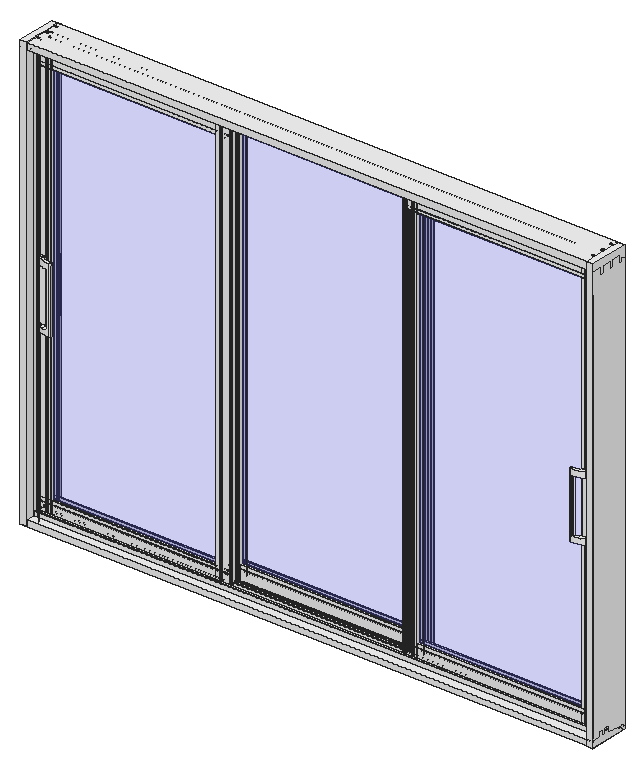
Revit family "Patio-Door_R-550-2-0_3-Light_XOX_7in_Novatech", category Doors, host Wall, Revit 2026 (continued)
Definition of nested family "NOVATECH_R-550 (2.0)_3 LIGHT_XOX_7in_SASH_X"
  Definition of nested family "NOVATECH_650_2 LIGHT_SASH_X_SILL1"
    Automatic sketch dimensions
      Extrusion 1 sketch curve to Extrusion 1 sketch curve = 0.01918"
      Extrusion 1 sketch curve to Extrusion 1 sketch curve = 0.00948"
      Extrusion 1 sketch curve to Extrusion 1 sketch curve = 0.02428"
      Extrusion 1 sketch curve to Extrusion 1 sketch curve = 0.00498"
      Extrusion 1 sketch curve to Extrusion 1 sketch curve = 0.01542"
      Extrusion 1 sketch curve to Extrusion 1 sketch curve = 0.06392"
      Extrusion 1 sketch curve to Extrusion 1 sketch curve = 3/64"
      Extrusion 1 sketch curve to Extrusion 1 sketch curve = 0.03068"
      Extrusion 1 sketch curve to Extrusion 1 sketch curve = 0.06572"
      Extrusion 1 sketch curve to Extrusion 1 sketch curve = 0.01209"
      Extrusion 1 sketch curve to Extrusion 1 sketch curve = 0.01283"
      Extrusion 1 sketch curve to Extrusion 1 sketch curve = 0.01306"
      Extrusion 1 sketch curve to Extrusion 1 sketch curve = 0.33858"
      Extrusion 1 sketch curve to Extrusion 1 sketch curve = 0.02923"
      Extrusion 1 sketch curve to Extrusion 1 sketch curve = 0.02953"
      Extrusion 1 sketch curve to Extrusion 1 sketch curve = 0.02362"
      level to Extrusion 1 sketch curve = 0"  (x2)
      Extrusion 1 sketch curve to Extrusion 1 sketch curve = 0.0358"  (x2)
      Extrusion 1 sketch curve to Extrusion 1 sketch curve = 0.00984"  (x3)
      Extrusion 1 sketch curve to Extrusion 1 sketch curve = 0.02354"  (x2)
      Extrusion 1 sketch curve to Extrusion 1 sketch curve = 0.00796"  (x2)
      Extrusion 1 sketch curve to Extrusion 1 sketch curve = 0.2126"  (x2)
      Extrusion 1 sketch curve to Extrusion 1 sketch curve = 0.00909"  (x2)
      Extrusion 1 sketch curve to Extrusion 1 sketch curve = 0.02429"  (x2)
      Extrusion 1 sketch curve to Extrusion 1 sketch curve = 0.00721"  (x2)
      Extrusion 1 sketch curve to Extrusion 1 sketch curve = 0.09705"
      Extrusion 1 sketch curve to Extrusion 1 sketch curve = 0.01152"
      Extrusion 1 sketch curve to Extrusion 1 sketch curve = 0.19864"  (x2)
      Extrusion 1 sketch curve to Extrusion 1 sketch curve = 1/16"  (x2)
      Extrusion 1 sketch curve to Extrusion 1 sketch curve = 0.87008"
      Extrusion 1 sketch curve to Extrusion 1 sketch curve = 0.07552"
      Extrusion 1 sketch curve to Extrusion 1 sketch curve = 0.0007"
      Extrusion 1 sketch curve to Extrusion 1 sketch curve = 0.01855"
      Extrusion 1 sketch curve to Extrusion 1 sketch curve = 0.00151"
      Extrusion 1 sketch curve to Extrusion 1 sketch curve = 0.00214"
      Extrusion 1 sketch curve to Extrusion 1 sketch curve = 0.07526"
      Extrusion 1 sketch curve to Extrusion 1 sketch curve = 0.0561"
      Extrusion 1 sketch curve to Extrusion 1 sketch curve = 0.12761"
      Extrusion 1 sketch curve to Extrusion 1 sketch curve = 0.00014"
      Extrusion 1 sketch curve to Extrusion 1 sketch curve = 0.00619"
      Extrusion 1 sketch curve to Extrusion 1 sketch curve = 0.00724"
      Extrusion 1 sketch curve to Extrusion 1 sketch curve = 0.01383"
      Extrusion 1 sketch curve to Extrusion 1 sketch curve = 0.01537"
      Extrusion 1 sketch curve to Extrusion 1 sketch curve = 0.05162"
      Extrusion 1 sketch curve to Extrusion 1 sketch curve = 0.12473"
      Extrusion 1 sketch curve to Extrusion 1 sketch curve = 0.5234"  (x2)
      Extrusion 1 sketch curve to Extrusion 1 sketch curve = 0.0034"
      Extrusion 1 sketch curve to Extrusion 1 sketch curve = 0.04131"
Definition of nested family "NOVATECH_R-550 (2.0)_3 LIGHT_XOX_7in_SASH_O_MID"
  Parameters (values of type "SASH_O_MID")
    Width = 45 89/128"
    Panel Material = none
    Height = 77 27/64"
    Frame Material = none
    Default Elevation = 0"
  Reference planes (in)
    plane 1 "Center (Front/Back)": y = 0
    plane 2: z = 0
    plane 3 "Center (Left/Right)": x = 0
    plane 4: x = 22.84766
    plane 5: x = -22.84766
    plane 6: z = 77.42188
    plane 7: y = 0.7697
    plane 8: x = -24.10575
  Forms (in)
    Extrusion 1, solid, material <- "Panel Material"
      sketch origin (53.04805, -3.42098, -6.62158) x (1, 0, 0) y (0, 1, 0)
        loop
          line (-75.11522, 4.62769) -> (-75.11522, 3.75367) -> (-30.98378, 3.75367) -> (-30.98378, 4.62769) -> (-75.11522, 4.62769)
      from 8.65968 to 82.00488
  Dimensions and locks (in)
    "Height": plane 6 to level
    "Width": plane 4 to plane 5
    equal spacing: plane 4, plane 3 "Center (Left/Right)", plane 5
    locked: Extrusion 1 sketch curve to Extrusion 1 sketch curve at 0.87402
    locked: plane 5 to Extrusion 1 at 0.78048
    locked: Extrusion 1 to plane 4 at 0.78339
    locked: plane 6 to Extrusion 1 at 2.03858
    locked: Extrusion 1 to level at 2.0381
    locked: plane 1 "Center (Front/Back)" to Extrusion 1 at 0.33269
    locked: plane 8 to plane 5 at 1.2581
    locked: plane 4 to nested 2 at 1.2552
    locked: plane 4 to nested 1 at 1.2552
    aligned and locked: plane 2 to level
    aligned and locked: plane 1 "Center (Front/Back)" to nested 1
    aligned and locked: plane 1 "Center (Front/Back)" to nested 2
    aligned and locked: plane 5 to nested 3
    aligned and locked: plane 1 "Center (Front/Back)" to nested 3  (x2)
    aligned and locked: plane 6 to nested 3
    aligned and locked: nested 2 to plane 8
    aligned and locked: nested 1 to plane 8
    aligned and locked: nested 4 to plane 1 "Center (Front/Back)"
    aligned and locked: plane 6 to nested 2
    aligned and locked: plane 6 to nested 4
    aligned and locked: plane 4 to nested 4
    aligned and locked: nested 1 to level
  Automatic sketch dimensions
    Extrusion 1 sketch curve to plane 1 "Center (Front/Back)" = 0.33269"
    plane 5 to Extrusion 1 sketch curve = 0.78048"
    Extrusion 1 sketch curve to plane 4 = 0.78339"
  Nested families (in)
    nested 1: "NOVATECH_650_2 LIGHT_SASH_O_SILL1" at (-24.10575, 0, -0.93499), type "O PANEL SILL 2"
      with built-in parameter 1001306 4.0174 (stored number, unit not read)
    nested 2: "NOVATECH_650_3 LIGHT_OXO_SASH_O_HEADER" at (-24.10575, 0, 74.81906), type "O HEADER"
      with Length 48.20861"
    nested 3: "NOVATECH_650_2 LIGHT_SASH_O_LEFT" at (-24.19624, 0, 0) x (0, -1, 0) z (0, 0, 1), type "NOVATECH_650_2 LIGHT_SASH_X_RIGHT"
    nested 4: "NOVATECH_650_2 LIGHT_SASH_O_RIGHT" at (24.19334, 0, 0) x (0, 1, 0) z (0, 0, 1), type "NOVATECH_650_2 LIGHT_SASH_O_LEFT"
  Definition of nested family "NOVATECH_650_2 LIGHT_SASH_O_SILL1"
    Parameters (values of type "O PANEL SILL")
      built-in parameter 1001306 [instance] = 48"
      Frame Material = none
      Default Elevation = 0"
    Reference planes (in)
      plane 1 "Center (Front/Back)": y = 0
      plane 2: z = 0
      plane 3 "Left": x = 0
      plane 4 "Right": x = 48
    Forms (in)
      Extrusion 1, solid, material <- "Frame Material"
        sketch origin (0, -0.42731, -0.7993) x (0, 1, 0) y (0, 0, 1)
          loop
            line (1.50935, 2.22768) -> (1.00276, 2.22768)
            arc (1.00276, 2.22768) -> (0.94708, 2.20462) -> (0.92402, 2.14894) r 0.07874
            line (0.92402, 2.14894) -> (0.92402, 1.86784)
            arc (0.92402, 1.86784) -> (0.91825, 1.85393) -> (0.90433, 1.84816) r 0.01969
            line (0.90433, 1.84816) -> (0.87358, 1.84816) -> (0.85389, 1.72715) -> (0.644, 1.72715)
            arc (0.644, 1.72715) -> (0.63008, 1.72138) -> (0.62431, 1.70746) r 0.01969
            line (0.62431, 1.70746) -> (0.62431, 1.54017) -> (0.52604, 1.54017) -> (0.52615, 1.70715) -> (0.45135, 1.70715) -> (0.45074, 0.7993) -> (0.52556, 0.81205) -> (0.52575, 1.10443) -> (0.93819, 1.1584) -> (0.93819, 0.93129) -> (1.01299, 0.94253) -> (1.01299, 1.35309) -> (1.5156, 1.41571) -> (1.5156, 0.88509)
            arc (1.5156, 0.88509) -> (1.52141, 0.87106) -> (1.53544, 0.86524) r 0.01985
            arc (1.53544, 0.86524) -> (1.55245, 0.86422) -> (1.56901, 0.86822) r 0.05745
            line (1.56901, 0.86822) -> (1.63183, 0.90885)
            arc (1.63183, 0.90885) -> (1.63055, 0.92963) -> (1.60977, 0.93091) r 0.01572
            arc (1.60977, 0.93091) -> (1.59585, 0.93668) -> (1.59009, 0.9506) r 0.01969
            line (1.59009, 0.9506) -> (1.59009, 1.65234) -> (2.03511, 1.65234) -> (2.03517, 1.09522) -> (2.10997, 1.10708) -> (2.10991, 1.637)
            arc (2.10991, 1.637) -> (2.0835, 1.70074) -> (2.01976, 1.72715) r 0.09016
            line (2.01976, 1.72715) -> (1.65169, 1.72715) -> (1.63466, 1.83182)
            arc (1.63466, 1.83182) -> (1.625, 1.84624) -> (1.60777, 1.84835) r 0.02085
            arc (1.60777, 1.84835) -> (1.59385, 1.85411) -> (1.58809, 1.86803) r 0.01969
            line (1.58809, 1.86803) -> (1.58809, 2.14894)
            arc (1.58809, 2.14894) -> (1.56503, 2.20462) -> (1.50935, 2.22768) r 0.07874
          loop
            line (0.42731, 4.26963) -> (0.42731, 1.79335)
            arc (0.42731, 1.79335) -> (0.44461, 1.75159) -> (0.48637, 1.73429) r 0.05906
            line (0.48637, 1.73429) -> (0.79548, 1.73429)
            arc (0.79548, 1.73429) -> (0.83724, 1.75159) -> (0.85454, 1.79335) r 0.05906
            line (0.85454, 1.79335) -> (0.85454, 1.87249) -> (0.81117, 1.87249) -> (0.81117, 1.8095) -> (0.75999, 1.8095) -> (0.75999, 2.11658) -> (0.81117, 2.11658) -> (0.81117, 2.05359) -> (0.86235, 2.05359) -> (0.86235, 2.43905) -> (1.64975, 2.43905) -> (1.64975, 2.05359) -> (1.70093, 2.05359) -> (1.70093, 2.11658) -> (1.75211, 2.11658) -> (1.75211, 1.8095) -> (1.70093, 1.8095) -> (1.70093, 1.87249) -> (1.65756, 1.87249) -> (1.65756, 1.79335)
            arc (1.65756, 1.79335) -> (1.67486, 1.75159) -> (1.71662, 1.73429) r 0.05906
            line (1.71662, 1.73429) -> (2.02574, 1.73429)
            arc (2.02574, 1.73429) -> (2.06749, 1.75159) -> (2.08479, 1.79335) r 0.05906
            line (2.08479, 1.79335) -> (2.08479, 3.64377) -> (2.00605, 3.64377) -> (2.00605, 3.30913) -> (1.81314, 3.30913) -> (1.81314, 3.40755) -> (1.86432, 3.40755) -> (1.86432, 3.64377) -> (1.56849, 3.64377) -> (1.56849, 3.76848) -> (0.66353, 3.76848) -> (0.66353, 4.2919) -> (0.697, 4.2919) -> (0.697, 4.3332) -> (0.45273, 4.29887)
            arc (0.45273, 4.29887) -> (0.43455, 4.289) -> (0.42731, 4.26963) r 0.02953
          loop
            line (1.697, 4.33127) -> (1.71668, 4.29189) -> (1.71669, 3.67374)
            arc (1.71669, 3.67374) -> (1.72363, 3.66069) -> (1.73834, 3.65914) r 0.01575
            line (1.73834, 3.65914) -> (1.84513, 3.69539) -> (1.92824, 3.64363) -> (1.9154, 3.47576) -> (1.8935, 3.41617)
            arc (1.8935, 3.41617) -> (1.86859, 3.38726) -> (1.88982, 3.35556) r 0.0315
            arc (1.88982, 3.35556) -> (1.92534, 3.35888) -> (1.94977, 3.38487) r 0.05041
            line (1.94977, 3.38487) -> (1.98385, 3.46761) -> (1.99786, 3.65101)
            arc (1.99786, 3.65101) -> (2.00813, 3.67068) -> (2.03025, 3.67232) r 0.02281
            line (2.03025, 3.67232) -> (2.06117, 3.6537)
            arc (2.06117, 3.6537) -> (2.07692, 3.6537) -> (2.08479, 3.66733) r 0.01575
            line (2.08479, 3.66733) -> (2.08479, 4.30174)
            arc (2.08479, 4.30174) -> (2.07614, 4.32262) -> (2.05526, 4.33127) r 0.02953
            line (2.05526, 4.33127) -> (1.697, 4.33127)
        from 0 to 48
    Lines and regions (in)
      reference lines
        curve 1: line (0, 0.91091, 0) -> (48, 0.91091, 0)
    Dimensions and locks (in)
      "built-in parameter 1001306": plane 3 "Left" to plane 4 "Right"
      aligned and locked: plane 4 "Right" to curve 1
      aligned and locked: plane 3 "Left" to curve 1
      aligned and locked: level to plane 2
      aligned and locked: Extrusion 1 to plane 3 "Left"
      aligned and locked: plane 4 "Right" to Extrusion 1
    Automatic sketch dimensions
      curve 1 to plane 1 "Center (Front/Back)" = 0.91091"
      level to Extrusion 1 sketch curve = 0"
      level to Extrusion 1 sketch curve = 0.30778"
      Extrusion 1 sketch curve to plane 1 "Center (Front/Back)" = 1.68266"
      level to Extrusion 1 sketch curve = 0.8377"
      Extrusion 1 sketch curve to Extrusion 1 sketch curve = 0.00005"
      Extrusion 1 sketch curve to Extrusion 1 sketch curve = 0.02512"
      Extrusion 1 sketch curve to Extrusion 1 sketch curve = 0"  (x3)
      Extrusion 1 sketch curve to Extrusion 1 sketch curve = 0.01575"  (x2)
      Extrusion 1 sketch curve to Extrusion 1 sketch curve = 0.00787"
      Extrusion 1 sketch curve to Extrusion 1 sketch curve = 0.02953"  (x2)
      level to Extrusion 1 sketch curve = 0.29592"
      Extrusion 1 sketch curve to Extrusion 1 sketch curve = 0.0748"  (x4)
      Extrusion 1 sketch curve to Extrusion 1 sketch curve = 0.03092"
      Extrusion 1 sketch curve to Extrusion 1 sketch curve = 0.00937"
      Extrusion 1 sketch curve to Extrusion 1 sketch curve = 0.00959"
      Extrusion 1 sketch curve to Extrusion 1 sketch curve = 0.00598"
      Extrusion 1 sketch curve to Extrusion 1 sketch curve = 0.01461"
      Extrusion 1 sketch curve to Extrusion 1 sketch curve = 0.00819"
      Extrusion 1 sketch curve to Extrusion 1 sketch curve = 0.0222"
      Extrusion 1 sketch curve to Extrusion 1 sketch curve = 0.03408"
      Extrusion 1 sketch curve to Extrusion 1 sketch curve = 0.06962"
      Extrusion 1 sketch curve to Extrusion 1 sketch curve = 0.06844"
      Extrusion 1 sketch curve to Extrusion 1 sketch curve = 0.04657"
      Extrusion 1 sketch curve to Extrusion 1 sketch curve = 0.00316"
      Extrusion 1 sketch curve to Extrusion 1 sketch curve = 0.00969"
      Extrusion 1 sketch curve to Extrusion 1 sketch curve = 0.06392"
      Extrusion 1 sketch curve to Extrusion 1 sketch curve = 0.01918"
      Extrusion 1 sketch curve to Extrusion 1 sketch curve = 0.05118"  (x4)
      Extrusion 1 sketch curve to Extrusion 1 sketch curve = 0.27362"
      Extrusion 1 sketch curve to Extrusion 1 sketch curve = 0.1068"
      Extrusion 1 sketch curve to Extrusion 1 sketch curve = 0.0059"
      Extrusion 1 sketch curve to Extrusion 1 sketch curve = 0.33858"
      Extrusion 1 sketch curve to Extrusion 1 sketch curve = 0.03549"  (x2)
      Extrusion 1 sketch curve to Extrusion 1 sketch curve = 0.01569"  (x2)
      Extrusion 1 sketch curve to Extrusion 1 sketch curve = 0.01969"  (x4)
      Extrusion 1 sketch curve to Extrusion 1 sketch curve = 0.04337"  (x2)
      Extrusion 1 sketch curve to Extrusion 1 sketch curve = 0.06493"
      level to Extrusion 1 sketch curve = 1.03252"
      Extrusion 1 sketch curve to Extrusion 1 sketch curve = 0.0229"
      level to Extrusion 1 sketch curve = 0.10955"
      Extrusion 1 sketch curve to Extrusion 1 sketch curve = 0.40333"
      Extrusion 1 sketch curve to Extrusion 1 sketch curve = 0.01239"
      Extrusion 1 sketch curve to Extrusion 1 sketch curve = 0.02058"
      Extrusion 1 sketch curve to Extrusion 1 sketch curve = 0.00967"  (x2)
      Extrusion 1 sketch curve to Extrusion 1 sketch curve = 0.00631"
      Extrusion 1 sketch curve to Extrusion 1 sketch curve = 0.0616"
      level to Extrusion 1 sketch curve = 0.06892"
      Extrusion 1 sketch curve to Extrusion 1 sketch curve = 0.05043"
      Extrusion 1 sketch curve to Extrusion 1 sketch curve = 0.1482"
      Extrusion 1 sketch curve to Extrusion 1 sketch curve = 0.04272"
      Extrusion 1 sketch curve to Extrusion 1 sketch curve = 0.03356"
      Extrusion 1 sketch curve to Extrusion 1 sketch curve = 0.07449"
      Extrusion 1 sketch curve to Extrusion 1 sketch curve = 0.07874"  (x2)
      level to Extrusion 1 sketch curve = 0.14323"
      Extrusion 1 sketch curve to Extrusion 1 sketch curve = 0.5026"
      Extrusion 1 sketch curve to Extrusion 1 sketch curve = 0.50659"
      Extrusion 1 sketch curve to Extrusion 1 sketch curve = 0.03075"
      Extrusion 1 sketch curve to Extrusion 1 sketch curve = 0.1404"
      Extrusion 1 sketch curve to Extrusion 1 sketch curve = 0.01904"
      Extrusion 1 sketch curve to Extrusion 1 sketch curve = 0.00065"
      Extrusion 1 sketch curve to Extrusion 1 sketch curve = 1"
      Extrusion 1 sketch curve to Extrusion 1 sketch curve = 0.03346"
      Extrusion 1 sketch curve to Extrusion 1 sketch curve = 0.11599"
      level to Extrusion 1 sketch curve = 0.90785"
      Extrusion 1 sketch curve to Extrusion 1 sketch curve = 0.09816"
      level to Extrusion 1 sketch curve = 0.74086"
      Extrusion 1 sketch curve to Extrusion 1 sketch curve = 0.09827"
      level to Extrusion 1 sketch curve = 0.30513"
      Extrusion 1 sketch curve to Extrusion 1 sketch curve = 0.41244"
      level to Extrusion 1 sketch curve = 0.01275"
      Extrusion 1 sketch curve to Extrusion 1 sketch curve = 0.00019"
      Extrusion 1 sketch curve to Extrusion 1 sketch curve = 0.03978"
      Extrusion 1 sketch curve to Extrusion 1 sketch curve = 0.20669"
      Extrusion 1 sketch curve to Extrusion 1 sketch curve = 0.00411"
      Extrusion 1 sketch curve to Extrusion 1 sketch curve = 0.03502"
      Extrusion 1 sketch curve to Extrusion 1 sketch curve = 0.07481"
      Extrusion 1 sketch curve to Extrusion 1 sketch curve = 0.01687"
      Extrusion 1 sketch curve to Extrusion 1 sketch curve = 0.01124"
      Extrusion 1 sketch curve to Extrusion 1 sketch curve = 0.22711"
      Extrusion 1 sketch curve to Extrusion 1 sketch curve = 0.1947"
      Extrusion 1 sketch curve to Extrusion 1 sketch curve = 0.41612"
      Extrusion 1 sketch curve to Extrusion 1 sketch curve = 0.00031"
      Extrusion 1 sketch curve to Extrusion 1 sketch curve = 0.00715"  (x2)
      Extrusion 1 sketch curve to Extrusion 1 sketch curve = 0.01615"  (x2)
      Extrusion 1 sketch curve to Extrusion 1 sketch curve = 0.00335"
      Extrusion 1 sketch curve to Extrusion 1 sketch curve = 0.05481"
      Extrusion 1 sketch curve to Extrusion 1 sketch curve = 0.03956"
      Extrusion 1 sketch curve to Extrusion 1 sketch curve = 0.06299"  (x4)
      Extrusion 1 sketch curve to Extrusion 1 sketch curve = 0.1811"  (x2)
      Extrusion 1 sketch curve to Extrusion 1 sketch curve = 0.09535"
      Extrusion 1 sketch curve to Extrusion 1 sketch curve = 0.21137"
      Extrusion 1 sketch curve to Extrusion 1 sketch curve = 0.87008"
      Extrusion 1 sketch curve to Extrusion 1 sketch curve = 0.07575"
      Extrusion 1 sketch curve to Extrusion 1 sketch curve = 0.00048"
      Extrusion 1 sketch curve to Extrusion 1 sketch curve = 0.01881"
      Extrusion 1 sketch curve to Extrusion 1 sketch curve = 0.00339"
      Extrusion 1 sketch curve to Extrusion 1 sketch curve = 0.012"
      Extrusion 1 sketch curve to Extrusion 1 sketch curve = 0.08274"
      Extrusion 1 sketch curve to Extrusion 1 sketch curve = 0.05959"
      Extrusion 1 sketch curve to Extrusion 1 sketch curve = 0.16787"
      Extrusion 1 sketch curve to Extrusion 1 sketch curve = 0.00014"  (x2)
      Extrusion 1 sketch curve to Extrusion 1 sketch curve = 0.00724"
      Extrusion 1 sketch curve to Extrusion 1 sketch curve = 0.00785"
      Extrusion 1 sketch curve to Extrusion 1 sketch curve = 0.00992"
      Extrusion 1 sketch curve to Extrusion 1 sketch curve = 0.01537"
      Extrusion 1 sketch curve to Extrusion 1 sketch curve = 0.05162"
      Extrusion 1 sketch curve to Extrusion 1 sketch curve = 0.12471"
      Extrusion 1 sketch curve to Extrusion 1 sketch curve = 0.50115"
      Extrusion 1 sketch curve to Extrusion 1 sketch curve = 0.52341"
      Extrusion 1 sketch curve to Extrusion 1 sketch curve = 0.02226"
      Extrusion 1 sketch curve to Extrusion 1 sketch curve = 0.00984"
      Extrusion 1 sketch curve to Extrusion 1 sketch curve = 0.04131"
  Definition of nested family "NOVATECH_650_3 LIGHT_OXO_SASH_O_HEADER"
    Parameters (values of type "O HEADER")
      Length [instance] = 25.4316"
      Frame Material = none
      Default Elevation = 0"
    Reference planes (in)
      plane 1 "Center (Front/Back)": y = 0
      plane 2: z = 0
      plane 3 "Center (Left/Right)": x = 0
      plane 4: x = 25.4316
    Forms (in)
      Extrusion 1, solid, material <- "Frame Material"
        sketch origin (0, 3.99113, -1.74837) x (0, 1, 0) y (0, 0, 1)
          loop
            line (-2.76869, 4.29213) -> (-2.76869, 4.20908) -> (-2.71751, 4.20908) -> (-2.71751, 4.27208) -> (-2.66633, 4.27208) -> (-2.66633, 3.96499) -> (-2.71751, 3.96499) -> (-2.71751, 4.02798) -> (-2.76869, 4.02798) -> (-2.76869, 3.64252) -> (-3.55609, 3.64252) -> (-3.55609, 4.02798) -> (-3.60728, 4.02798) -> (-3.60728, 3.96499) -> (-3.65846, 3.96499) -> (-3.65846, 4.27208) -> (-3.60728, 4.27208) -> (-3.60728, 4.20908) -> (-3.55609, 4.20908) -> (-3.55609, 4.29213)
            arc (-3.55609, 4.29213) -> (-3.57339, 4.33389) -> (-3.61515, 4.35118) r 0.05906
            line (-3.61515, 4.35118) -> (-3.93208, 4.35118)
            arc (-3.93208, 4.35118) -> (-3.97384, 4.33389) -> (-3.99113, 4.29213) r 0.05906
            line (-3.99113, 4.29213) -> (-3.99113, 1.81194)
            arc (-3.99113, 1.81194) -> (-3.98389, 1.79257) -> (-3.96572, 1.7827) r 0.02953
            line (-3.96572, 1.7827) -> (-3.72145, 1.74837) -> (-3.72145, 1.78968) -> (-3.75491, 1.78968) -> (-3.75491, 2.4378) -> (-3.65663, 2.4378) -> (-3.65663, 2.3126) -> (-2.78262, 2.3126) -> (-2.78262, 2.4378) -> (-2.55413, 2.4378) -> (-2.55413, 2.67402) -> (-2.60531, 2.67402) -> (-2.60531, 2.77244) -> (-2.41239, 2.77244) -> (-2.41239, 2.4378) -> (-2.33365, 2.4378) -> (-2.33365, 4.29213)
            arc (-2.33365, 4.29213) -> (-2.35095, 4.33389) -> (-2.39271, 4.35118) r 0.05906
            line (-2.39271, 4.35118) -> (-2.70964, 4.35118)
            arc (-2.70964, 4.35118) -> (-2.7514, 4.33389) -> (-2.76869, 4.29213) r 0.05906
          loop
            line (-2.33365, 1.77983) -> (-2.33365, 2.41424)
            arc (-2.33365, 2.41424) -> (-2.34153, 2.42788) -> (-2.35728, 2.42788) r 0.01575
            line (-2.35728, 2.42788) -> (-2.3867, 2.41134)
            arc (-2.3867, 2.41134) -> (-2.40913, 2.41876) -> (-2.41969, 2.43989) r 0.03079
            line (-2.41969, 2.43989) -> (-2.43129, 2.60578) -> (-2.46833, 2.69723)
            arc (-2.46833, 2.69723) -> (-2.49406, 2.72434) -> (-2.53137, 2.72666) r 0.05107
            arc (-2.53137, 2.72666) -> (-2.55479, 2.69582) -> (-2.53061, 2.66558) r 0.0315
            line (-2.53061, 2.66558) -> (-2.49742, 2.58344) -> (-2.48648, 2.44027) -> (-2.57331, 2.38618) -> (-2.68011, 2.42243)
            arc (-2.68011, 2.42243) -> (-2.69481, 2.42088) -> (-2.70176, 2.40783) r 0.01575
            line (-2.70176, 2.40783) -> (-2.70176, 1.78968) -> (-2.72145, 1.75031) -> (-2.36318, 1.75031)
            arc (-2.36318, 1.75031) -> (-2.3423, 1.75896) -> (-2.33365, 1.77983) r 0.02953
        from 0 to 25.4316
    Dimensions and locks (in)
      "Length": plane 3 "Center (Left/Right)" to plane 4
      aligned and locked: plane 2 to level
      aligned and locked: plane 4 to Extrusion 1
      aligned and locked: Extrusion 1 to plane 3 "Center (Left/Right)"
    Automatic sketch dimensions
      Extrusion 1 sketch curve to level = 0"
      plane 1 "Center (Front/Back)" to Extrusion 1 sketch curve = 0"
      level to Extrusion 1 sketch curve = 0.03433"
      Extrusion 1 sketch curve to Extrusion 1 sketch curve = 0.02542"
      Extrusion 1 sketch curve to Extrusion 1 sketch curve = 0.02953"
      Extrusion 1 sketch curve to Extrusion 1 sketch curve = 0.05906"
      Extrusion 1 sketch curve to Extrusion 1 sketch curve = 0.20669"
      Extrusion 1 sketch curve to Extrusion 1 sketch curve = 0.03346"
      Extrusion 1 sketch curve to Extrusion 1 sketch curve = 0.27362"  (x2)
      Extrusion 1 sketch curve to Extrusion 1 sketch curve = 0.09828"
      Extrusion 1 sketch curve to Extrusion 1 sketch curve = 0.04331"
      Extrusion 1 sketch curve to Extrusion 1 sketch curve = 0.00787"  (x2)
      Extrusion 1 sketch curve to Extrusion 1 sketch curve = 0.05118"  (x4)
      Extrusion 1 sketch curve to plane 1 "Center (Front/Back)" = 1.20852"
      Extrusion 1 sketch curve to plane 1 "Center (Front/Back)" = 1.22244"  (x2)
      Extrusion 1 sketch curve to plane 1 "Center (Front/Back)" = 1.26968"
      Extrusion 1 sketch curve to plane 1 "Center (Front/Back)" = 1.27362"  (x2)
      Extrusion 1 sketch curve to plane 1 "Center (Front/Back)" = 1.2815"
      Extrusion 1 sketch curve to plane 1 "Center (Front/Back)" = 1.28937"
      Extrusion 1 sketch curve to plane 1 "Center (Front/Back)" = 1.28938"
      Extrusion 1 sketch curve to Extrusion 1 sketch curve = 0.01575"  (x2)
      Extrusion 1 sketch curve to Extrusion 1 sketch curve = 0.0059"
      Extrusion 1 sketch curve to plane 1 "Center (Front/Back)" = 1.38583"
      Extrusion 1 sketch curve to Extrusion 1 sketch curve = 0.1068"
      Extrusion 1 sketch curve to Extrusion 1 sketch curve = 0.01918"
      Extrusion 1 sketch curve to Extrusion 1 sketch curve = 0.02352"
      Extrusion 1 sketch curve to Extrusion 1 sketch curve = 0.00731"
      Extrusion 1 sketch curve to Extrusion 1 sketch curve = 0.01494"
      Extrusion 1 sketch curve to Extrusion 1 sketch curve = 0.03319"
      Extrusion 1 sketch curve to Extrusion 1 sketch curve = 0.06765"
      Extrusion 1 sketch curve to Extrusion 1 sketch curve = 0.04734"
      Extrusion 1 sketch curve to Extrusion 1 sketch curve = 0.06613"
      Extrusion 1 sketch curve to Extrusion 1 sketch curve = 0.06679"
      Extrusion 1 sketch curve to Extrusion 1 sketch curve = 0.0073"
      Extrusion 1 sketch curve to Extrusion 1 sketch curve = 0.02341"
      Extrusion 1 sketch curve to Extrusion 1 sketch curve = 0.00228"
      level to Extrusion 1 sketch curve = 0.00194"
      Extrusion 1 sketch curve to Extrusion 1 sketch curve = 0.33858"
      Extrusion 1 sketch curve to Extrusion 1 sketch curve = 0.02942"
      Extrusion 1 sketch curve to Extrusion 1 sketch curve = 0.02362"
      level to Extrusion 1 sketch curve = 0.04131"  (x2)
      Extrusion 1 sketch curve to Extrusion 1 sketch curve = 0.52292"
      Extrusion 1 sketch curve to Extrusion 1 sketch curve = 0.07358"
      Extrusion 1 sketch curve to Extrusion 1 sketch curve = 0.02165"
      Extrusion 1 sketch curve to Extrusion 1 sketch curve = 0"
      Extrusion 1 sketch curve to Extrusion 1 sketch curve = 0.02516"
      Extrusion 1 sketch curve to Extrusion 1 sketch curve = 0.0029"
      Extrusion 1 sketch curve to Extrusion 1 sketch curve = 0.05162"
      Extrusion 1 sketch curve to Extrusion 1 sketch curve = 0.02356"
      Extrusion 1 sketch curve to Extrusion 1 sketch curve = 0.1252"
      Extrusion 1 sketch curve to Extrusion 1 sketch curve = 0.00209"
      Extrusion 1 sketch curve to Extrusion 1 sketch curve = 0.00038"
      Extrusion 1 sketch curve to Extrusion 1 sketch curve = 0.14318"
      Extrusion 1 sketch curve to Extrusion 1 sketch curve = 0.02234"
      Extrusion 1 sketch curve to Extrusion 1 sketch curve = 0.08214"
      Extrusion 1 sketch curve to Extrusion 1 sketch curve = 0.00844"
      Extrusion 1 sketch curve to Extrusion 1 sketch curve = 0.01248"
      Extrusion 1 sketch curve to Extrusion 1 sketch curve = 0.01815"
      Extrusion 1 sketch curve to Extrusion 1 sketch curve = 0.01917"
      Extrusion 1 sketch curve to Extrusion 1 sketch curve = 0.07521"
      Extrusion 1 sketch curve to Extrusion 1 sketch curve = 1.20472"
      Extrusion 1 sketch curve to Extrusion 1 sketch curve = 0.32247"  (x2)
      Extrusion 1 sketch curve to Extrusion 1 sketch curve = 0.06299"  (x4)
      Extrusion 1 sketch curve to Extrusion 1 sketch curve = 0.1811"  (x2)
      Extrusion 1 sketch curve to Extrusion 1 sketch curve = 0.02005"  (x2)
  Definition of nested family "NOVATECH_650_2 LIGHT_SASH_O_LEFT"
    Parameters (values of type "NOVATECH_650_2 LIGHT_SASH_X_RIGHT")
      Length = 77 27/64"
      Frame Material = none
      Default Elevation = 0"
    Types (2): name | Length
      NOVATECH_650_2 LIGHT_SASH_X_RIGHT | 77 27/64"
      X_RIGHT | 75 121/128"
    Reference planes (in)
      plane 1 "Center (Front/Back)": y = 0
      plane 2: z = 0
      plane 3 "Center (Left/Right)": x = 0
      plane 4: z = 77.42188
      plane 5: y = 1.34858
    Forms (in)
      Extrusion 1, solid, material <- "Frame Material"
        sketch origin (0, 0, 0) x (1, 0, 0) y (0, 1, 0)
          loop
            arc (0, 2.62973) -> (-0.00724, 2.6491) -> (-0.02542, 2.65897) r 0.02953
            line (-0.02542, 2.65897) -> (-0.2697, 2.6933) -> (-0.2697, 2.65199) -> (-0.23622, 2.65199) -> (-0.23622, 2.00387) -> (-0.33269, 2.00387) -> (-0.33269, 2.12907) -> (-1.20671, 2.12907) -> (-1.20671, 2.00387) -> (-1.43701, 2.00387) -> (-1.43701, 1.76765) -> (-1.38583, 1.76765) -> (-1.38583, 1.66923) -> (-1.57874, 1.66923) -> (-1.57874, 2.00387) -> (-1.65748, 2.00387) -> (-1.65748, 0.14954)
            arc (-1.65748, 0.14954) -> (-1.64018, 0.10778) -> (-1.59843, 0.09049) r 0.05906
            line (-1.59843, 0.09049) -> (-1.2815, 0.09049)
            arc (-1.2815, 0.09049) -> (-1.23974, 0.10778) -> (-1.22244, 0.14954) r 0.05906
            line (-1.22244, 0.14954) -> (-1.22244, 0.21684)
            arc (-1.22244, 0.21684) -> (-1.24803, 0.23208) -> (-1.27362, 0.21684) r 0.02911
            line (-1.27362, 0.21684) -> (-1.27362, 0.18534)
            arc (-1.27362, 0.18534) -> (-1.29921, 0.16614) -> (-1.3248, 0.18534) r 0.02665
            line (-1.3248, 0.18534) -> (-1.3248, 0.46093)
            arc (-1.3248, 0.46093) -> (-1.29921, 0.47787) -> (-1.27362, 0.46093) r 0.0278
            line (-1.27362, 0.46093) -> (-1.27362, 0.42944)
            arc (-1.27362, 0.42944) -> (-1.24803, 0.41044) -> (-1.22244, 0.42944) r 0.02674
            line (-1.22244, 0.42944) -> (-1.22244, 0.79915) -> (-0.43504, 0.79915) -> (-0.43504, 0.42944)
            arc (-0.43504, 0.42944) -> (-0.40945, 0.41134) -> (-0.38386, 0.42944) r 0.02714
            line (-0.38386, 0.42944) -> (-0.38386, 0.46093)
            arc (-0.38386, 0.46093) -> (-0.35827, 0.47851) -> (-0.33268, 0.46093) r 0.02742
            line (-0.33268, 0.46093) -> (-0.33268, 0.18534)
            arc (-0.33268, 0.18534) -> (-0.35827, 0.16767) -> (-0.38386, 0.18534) r 0.02737
            line (-0.38386, 0.18534) -> (-0.38386, 0.21684)
            arc (-0.38386, 0.21684) -> (-0.40945, 0.23441) -> (-0.43504, 0.21684) r 0.02742
            line (-0.43504, 0.21684) -> (-0.43504, 0.14954)
            arc (-0.43504, 0.14954) -> (-0.41774, 0.10778) -> (-0.37598, 0.09049) r 0.05906
            line (-0.37598, 0.09049) -> (-0.05906, 0.09049)
            arc (-0.05906, 0.09049) -> (-0.0173, 0.10778) -> (0, 0.14954) r 0.05906
            line (0, 0.14954) -> (0, 2.62973)
          loop
            line (-1.26968, 2.69136) -> (-1.63186, 2.69136)
            arc (-1.63186, 2.69136) -> (-1.65274, 2.68271) -> (-1.66139, 2.66184) r 0.02953
            line (-1.66139, 2.66184) -> (-1.66139, 2.03134)
            arc (-1.66139, 2.03134) -> (-1.65351, 2.0177) -> (-1.63776, 2.0177) r 0.01575
            line (-1.63776, 2.0177) -> (-1.60447, 2.02776)
            arc (-1.60447, 2.02776) -> (-1.5765, 2.02149) -> (-1.56742, 1.9943) r 0.02915
            line (-1.56742, 1.9943) -> (-1.55564, 1.8258) -> (-1.5226, 1.74475)
            arc (-1.5226, 1.74475) -> (-1.49938, 1.71919) -> (-1.46518, 1.71446) r 0.05066
            arc (-1.46518, 1.71446) -> (-1.44119, 1.73462) -> (-1.44649, 1.76552) r 0.0315
            line (-1.44649, 1.76552) -> (-1.49117, 1.87611) -> (-1.50093, 2.00373) -> (-1.41782, 2.05549) -> (-1.31103, 2.01924)
            arc (-1.31103, 2.01924) -> (-1.29632, 2.02079) -> (-1.28938, 2.03384) r 0.01575
            line (-1.28938, 2.03384) -> (-1.28937, 2.65199) -> (-1.26968, 2.69136)
          loop
            line (-0.00211, 0.03937) -> (-0.00211, 0.07978)
            arc (-0.00211, 0.07978) -> (-0.03593, 0.08542) -> (-0.06479, 0.06693) r 0.04772
            line (-0.06479, 0.06693) -> (-0.47548, 0.06693) -> (-0.43728, 0.25591) -> (-0.38775, 0.25591)
            arc (-0.38775, 0.25591) -> (-0.37304, 0.26603) -> (-0.37725, 0.28339) r 0.01575
            line (-0.37725, 0.28339) -> (-0.48021, 0.397)
            arc (-0.48021, 0.397) -> (-0.50305, 0.39997) -> (-0.51354, 0.37946) r 0.02
            line (-0.51354, 0.37946) -> (-0.49602, 0.25591) -> (-0.53342, 0.07087) -> (-1.12397, 0.07087) -> (-1.16137, 0.25591) -> (-1.14388, 0.37069)
            arc (-1.14388, 0.37069) -> (-1.15425, 0.39135) -> (-1.17718, 0.38843) r 0.02
            line (-1.17718, 0.38843) -> (-1.26861, 0.27418)
            arc (-1.26861, 0.27418) -> (-1.27096, 0.25494) -> (-1.2548, 0.24424) r 0.01844
            line (-1.2548, 0.24424) -> (-1.21775, 0.24424) -> (-1.18191, 0.06693) -> (-1.92439, 0.06693)
            arc (-1.92439, 0.06693) -> (-1.95223, 0.07846) -> (-1.96376, 0.1063) r 0.03937
            line (-1.96376, 0.1063) -> (-1.96376, 0.65641) -> (-1.90455, 0.65641) -> (-1.90455, 0.81723) -> (-1.69389, 0.81723) -> (-1.69389, 0.88415) -> (-1.90455, 0.88415) -> (-1.90455, 1.06988) -> (-1.9336, 1.10788) -> (-1.9336, 1.49105) -> (-1.9942, 1.596)
            arc (-1.9942, 1.596) -> (-1.99522, 1.62721) -> (-2.02369, 1.64005) r 0.02953
            arc (-2.02369, 1.64005) -> (-2.04707, 1.63301) -> (-2.05716, 1.61078) r 0.02953
            line (-2.05716, 1.61078) -> (-2.05716, 1.5712) -> (-2.00053, 1.47312) -> (-2.00053, 1.1048)
            arc (-2.00053, 1.1048) -> (-2.009, 1.08863) -> (-2.02711, 1.08636) r 0.01969
            arc (-2.02711, 1.08636) -> (-2.06091, 1.0621) -> (-2.07384, 1.02255) r 0.06693
            line (-2.07384, 1.02255) -> (-2.07367, 0.97924)
            arc (-2.07367, 0.97924) -> (-2.04808, 0.96046) -> (-2.02249, 0.97924) r 0.02682
            line (-2.02249, 0.97924) -> (-2.02266, 1.01074)
            arc (-2.02266, 1.01074) -> (-1.99707, 1.03036) -> (-1.97148, 1.01074) r 0.0265
            line (-1.97148, 1.01074) -> (-1.97148, 0.73515)
            arc (-1.97148, 0.73515) -> (-1.99707, 0.71657) -> (-2.02266, 0.73515) r 0.02691
            line (-2.02266, 0.73515) -> (-2.02266, 0.77452)
            arc (-2.02266, 0.77452) -> (-2.04825, 0.79092) -> (-2.07384, 0.77452) r 0.02817
            line (-2.07384, 0.77452) -> (-2.07384, 0.72334)
            arc (-2.07384, 0.72334) -> (-2.06201, 0.68534) -> (-2.03069, 0.66078) r 0.06693
            line (-2.03069, 0.66078) -> (-2.03069, 0.07874)
            arc (-2.03069, 0.07874) -> (-2.00763, 0.02306) -> (-1.95195, 0) r 0.07874
            line (-1.95195, 0) -> (-0.04148, 0)
            arc (-0.04148, 0) -> (-0.01364, 0.01153) -> (-0.00211, 0.03937) r 0.03937
        from 0 to 77.42188
    Dimensions and locks (in)
      "Length": plane 4 to level
      aligned and locked: plane 2 to level
      aligned and locked: Extrusion 1 to level
      aligned and locked: plane 4 to Extrusion 1
    Automatic sketch dimensions
      plane 1 "Center (Front/Back)" to Extrusion 1 sketch curve = 0"
      Extrusion 1 sketch curve to plane 3 "Center (Left/Right)" = 0"
      Extrusion 1 sketch curve to plane 3 "Center (Left/Right)" = 0.00211"
      Extrusion 1 sketch curve to plane 3 "Center (Left/Right)" = 0.02542"
      Extrusion 1 sketch curve to Extrusion 1 sketch curve = 0.02423"
      Extrusion 1 sketch curve to plane 3 "Center (Left/Right)" = 0.02953"
      Extrusion 1 sketch curve to plane 3 "Center (Left/Right)" = 0.04148"
      Extrusion 1 sketch curve to Extrusion 1 sketch curve = 0.01757"
      Extrusion 1 sketch curve to Extrusion 1 sketch curve = 0.00574"
      Extrusion 1 sketch curve to plane 3 "Center (Left/Right)" = 0.23622"
      Extrusion 1 sketch curve to Extrusion 1 sketch curve = 0.03348"
      Extrusion 1 sketch curve to plane 3 "Center (Left/Right)" = 0.33268"
      Extrusion 1 sketch curve to Extrusion 1 sketch curve = 0.09647"
      Extrusion 1 sketch curve to Extrusion 1 sketch curve = 0.02559"  (x20)
      Extrusion 1 sketch curve to Extrusion 1 sketch curve = 0.01772"
      Extrusion 1 sketch curve to Extrusion 1 sketch curve = 0.01898"
      Extrusion 1 sketch curve to Extrusion 1 sketch curve = 0.0105"
      Extrusion 1 sketch curve to Extrusion 1 sketch curve = 0.05118"  (x2)
      Extrusion 1 sketch curve to Extrusion 1 sketch curve = 0.00224"
      Extrusion 1 sketch curve to plane 1 "Center (Front/Back)" = 0.06693"  (x2)
      Extrusion 1 sketch curve to Extrusion 1 sketch curve = 0.04044"
      Extrusion 1 sketch curve to Extrusion 1 sketch curve = 0.04517"
      Extrusion 1 sketch curve to Extrusion 1 sketch curve = 0.01353"  (x2)
      Extrusion 1 sketch curve to Extrusion 1 sketch curve = 0.05874"
      Extrusion 1 sketch curve to Extrusion 1 sketch curve = 0.0198"
      Extrusion 1 sketch curve to plane 1 "Center (Front/Back)" = 0.07087"
      Extrusion 1 sketch curve to Extrusion 1 sketch curve = 0.05794"  (x2)
      Extrusion 1 sketch curve to Extrusion 1 sketch curve = 0.59055"
      Extrusion 1 sketch curve to plane 1 "Center (Front/Back)" = 0.37069"
      Extrusion 1 sketch curve to Extrusion 1 sketch curve = 0.01991"
      Extrusion 1 sketch curve to plane 1 "Center (Front/Back)" = 0.25591"
      Extrusion 1 sketch curve to Extrusion 1 sketch curve = 0.01749"
      Extrusion 1 sketch curve to Extrusion 1 sketch curve = 0.01977"
      Extrusion 1 sketch curve to plane 1 "Center (Front/Back)" = 0.38843"
      Extrusion 1 sketch curve to Extrusion 1 sketch curve = 0.87402"
      Extrusion 1 sketch curve to Extrusion 1 sketch curve = 0.05638"
      Extrusion 1 sketch curve to Extrusion 1 sketch curve = 0.04526"
      Extrusion 1 sketch curve to Extrusion 1 sketch curve = 0.00469"
      Extrusion 1 sketch curve to Extrusion 1 sketch curve = 0.03646"
      Extrusion 1 sketch curve to Extrusion 1 sketch curve = 0.00059"
      Extrusion 1 sketch curve to plane 1 "Center (Front/Back)" = 0.27418"
      Extrusion 1 sketch curve to Extrusion 1 sketch curve = 0.01439"
      Extrusion 1 sketch curve to Extrusion 1 sketch curve = 0.06298"
      Extrusion 1 sketch curve to Extrusion 1 sketch curve = 0.00787"  (x3)
      Extrusion 1 sketch curve to Extrusion 1 sketch curve = 0.01969"  (x2)
      Extrusion 1 sketch curve to Extrusion 1 sketch curve = 0.08267"
      Extrusion 1 sketch curve to Extrusion 1 sketch curve = 0.01575"  (x4)
      plane 5 to Extrusion 1 sketch curve = 0.67066"
      Extrusion 1 sketch curve to Extrusion 1 sketch curve = 0.0059"
      Extrusion 1 sketch curve to Extrusion 1 sketch curve = 0.0748"
      plane 5 to Extrusion 1 sketch curve = 0.70691"
      Extrusion 1 sketch curve to Extrusion 1 sketch curve = 0.1068"
      plane 5 to Extrusion 1 sketch curve = 0.41693"
      Extrusion 1 sketch curve to Extrusion 1 sketch curve = 0.00948"
      Extrusion 1 sketch curve to Extrusion 1 sketch curve = 0.02428"
      Extrusion 1 sketch curve to Extrusion 1 sketch curve = 0.00498"
      plane 5 to Extrusion 1 sketch curve = 0.52753"
      Extrusion 1 sketch curve to Extrusion 1 sketch curve = 0.01543"
      plane 5 to Extrusion 1 sketch curve = 0.65514"
      Extrusion 1 sketch curve to Extrusion 1 sketch curve = 0.06392"
      plane 5 to Extrusion 1 sketch curve = 0.39617"
      Extrusion 1 sketch curve to Extrusion 1 sketch curve = 3/64"
      plane 5 to Extrusion 1 sketch curve = 0.47721"
      Extrusion 1 sketch curve to Extrusion 1 sketch curve = 0.06447"
      plane 5 to Extrusion 1 sketch curve = 0.64572"
      Extrusion 1 sketch curve to Extrusion 1 sketch curve = 0.0665"
      Extrusion 1 sketch curve to Extrusion 1 sketch curve = 0.01132"
      Extrusion 1 sketch curve to Extrusion 1 sketch curve = 0.0173"
      Extrusion 1 sketch curve to Extrusion 1 sketch curve = 0.27362"
      plane 5 to Extrusion 1 sketch curve = 0.67918"
      Extrusion 1 sketch curve to Extrusion 1 sketch curve = 0.00843"
      Extrusion 1 sketch curve to Extrusion 1 sketch curve = 0.34249"
      plane 5 to Extrusion 1 sketch curve = 0.66912"
      Extrusion 1 sketch curve to Extrusion 1 sketch curve = 0.0333"
      Extrusion 1 sketch curve to Extrusion 1 sketch curve = 0.01972"
      Extrusion 1 sketch curve to Extrusion 1 sketch curve = 0.47145"
      Extrusion 1 sketch curve to Extrusion 1 sketch curve = 0.21066"
      Extrusion 1 sketch curve to Extrusion 1 sketch curve = 0"  (x3)
      Extrusion 1 sketch curve to plane 1 "Center (Front/Back)" = 0.1063"
      Extrusion 1 sketch curve to Extrusion 1 sketch curve = 0.26691"
      Extrusion 1 sketch curve to Extrusion 1 sketch curve = 0.02906"
      Extrusion 1 sketch curve to Extrusion 1 sketch curve = 0.02756"
      Extrusion 1 sketch curve to Extrusion 1 sketch curve = 0.06693"  (x3)
      plane 5 to Extrusion 1 sketch curve = 0.24742"
      Extrusion 1 sketch curve to Extrusion 1 sketch curve = 0.06059"
      plane 5 to Extrusion 1 sketch curve = 0.12454"
      Extrusion 1 sketch curve to Extrusion 1 sketch curve = 0.00984"  (x5)
      Extrusion 1 sketch curve to Extrusion 1 sketch curve = 0.02556"
      Extrusion 1 sketch curve to plane 5 = 0.36934"  (x2)
      Extrusion 1 sketch curve to Extrusion 1 sketch curve = 0.02542"
      Extrusion 1 sketch curve to plane 5 = 0.33784"
      Extrusion 1 sketch curve to Extrusion 1 sketch curve = 0.02378"
      plane 5 to Extrusion 1 sketch curve = 0.22261"
      Extrusion 1 sketch curve to Extrusion 1 sketch curve = 0.02953"
      Extrusion 1 sketch curve to plane 5 = 0.32603"
      Extrusion 1 sketch curve to Extrusion 1 sketch curve = 0.00017"
      Extrusion 1 sketch curve to Extrusion 1 sketch curve = 0.0007"
      Extrusion 1 sketch curve to plane 1 "Center (Front/Back)" = 0.09049"  (x2)
      Extrusion 1 sketch curve to Extrusion 1 sketch curve = 0.0358"  (x2)
      Extrusion 1 sketch curve to Extrusion 1 sketch curve = 0.00745"
      Extrusion 1 sketch curve to Extrusion 1 sketch curve = 0.0097"
      Extrusion 1 sketch curve to Extrusion 1 sketch curve = 0.01763"
      Extrusion 1 sketch curve to Extrusion 1 sketch curve = 0.02165"  (x2)
      Extrusion 1 sketch curve to Extrusion 1 sketch curve = 0.01387"
      Extrusion 1 sketch curve to Extrusion 1 sketch curve = 0.0274"
      Extrusion 1 sketch curve to Extrusion 1 sketch curve = 5/128"  (x2)
      Extrusion 1 sketch curve to Extrusion 1 sketch curve = 0.12355"
      Extrusion 1 sketch curve to Extrusion 1 sketch curve = 0.00281"
      Extrusion 1 sketch curve to Extrusion 1 sketch curve = 0.03244"
      Extrusion 1 sketch curve to Extrusion 1 sketch curve = 0.04101"
      Extrusion 1 sketch curve to Extrusion 1 sketch curve = 0.00774"
      Extrusion 1 sketch curve to Extrusion 1 sketch curve = 0.00904"
      Extrusion 1 sketch curve to Extrusion 1 sketch curve = 0.02064"
      Extrusion 1 sketch curve to Extrusion 1 sketch curve = 0.01086"
      Extrusion 1 sketch curve to Extrusion 1 sketch curve = 0.32283"
      Extrusion 1 sketch curve to Extrusion 1 sketch curve = 0.00437"
      Extrusion 1 sketch curve to Extrusion 1 sketch curve = 0.01181"
      Extrusion 1 sketch curve to Extrusion 1 sketch curve = 0.02015"
      Extrusion 1 sketch curve to Extrusion 1 sketch curve = 0.0276"
      Extrusion 1 sketch curve to Extrusion 1 sketch curve = 0.01177"
      Extrusion 1 sketch curve to Extrusion 1 sketch curve = 0.33821"
      Extrusion 1 sketch curve to Extrusion 1 sketch curve = 0.08207"
      Extrusion 1 sketch curve to Extrusion 1 sketch curve = 0.00804"
      Extrusion 1 sketch curve to Extrusion 1 sketch curve = 0.01869"
      Extrusion 1 sketch curve to Extrusion 1 sketch curve = 0.05914"
      Extrusion 1 sketch curve to Extrusion 1 sketch curve = 0.08225"
      Extrusion 1 sketch curve to Extrusion 1 sketch curve = 0.03799"
      Extrusion 1 sketch curve to Extrusion 1 sketch curve = 0.01793"
      Extrusion 1 sketch curve to Extrusion 1 sketch curve = 0.03959"
      Extrusion 1 sketch curve to Extrusion 1 sketch curve = 0.07552"
      Extrusion 1 sketch curve to Extrusion 1 sketch curve = 0.02006"
      Extrusion 1 sketch curve to Extrusion 1 sketch curve = 0.01855"
      Extrusion 1 sketch curve to Extrusion 1 sketch curve = 0.00214"
      Extrusion 1 sketch curve to Extrusion 1 sketch curve = 0.00957"
      Extrusion 1 sketch curve to Extrusion 1 sketch curve = 0.05162"
      plane 5 to Extrusion 1 sketch curve = 0.65529"
      Extrusion 1 sketch curve to Extrusion 1 sketch curve = 0.1252"
      Extrusion 1 sketch curve to Extrusion 1 sketch curve = 0.50066"
      Extrusion 1 sketch curve to Extrusion 1 sketch curve = 0.52292"
      Extrusion 1 sketch curve to Extrusion 1 sketch curve = 0.02226"
      Extrusion 1 sketch curve to Extrusion 1 sketch curve = 0.04131"
  Definition of nested family "NOVATECH_650_2 LIGHT_SASH_O_RIGHT"
    Parameters (values of type "O_RIGHT")
      Length = 75 121/128"
      Frame Material = none
      Default Elevation = 0"
    Types (3): name | Length
      O_RIGHT | 75 121/128"
      X_LEFT | 75 121/128"
      NOVATECH_650_2 LIGHT_SASH_O_LEFT | 77 27/64"
    Reference planes (in)
      plane 1 "Center (Front/Back)": y = 0
      plane 2: z = 0
      plane 3 "Center (Left/Right)": x = 0
      plane 4: z = 75.94531
      plane 5: y = 1.34568
    Forms (in)
      Extrusion 1, solid, material <- "Frame Material"
        sketch origin (0, 0, 0) x (1, 0, 0) y (0, 1, 0)
          loop
            line (0, 2.62973) -> (0, 0.14954)
            arc (0, 0.14954) -> (0.0173, 0.10778) -> (0.05906, 0.09049) r 0.05906
            line (0.05906, 0.09049) -> (0.37598, 0.09049)
            arc (0.37598, 0.09049) -> (0.41774, 0.10778) -> (0.43504, 0.14954) r 0.05906
            line (0.43504, 0.14954) -> (0.43504, 0.21684)
            arc (0.43504, 0.21684) -> (0.40945, 0.23441) -> (0.38386, 0.21684) r 0.02742
            line (0.38386, 0.21684) -> (0.38386, 0.18534)
            arc (0.38386, 0.18534) -> (0.35827, 0.16767) -> (0.33268, 0.18534) r 0.02737
            line (0.33268, 0.18534) -> (0.33268, 0.46093)
            arc (0.33268, 0.46093) -> (0.35827, 0.47851) -> (0.38386, 0.46093) r 0.02742
            line (0.38386, 0.46093) -> (0.38386, 0.42944)
            arc (0.38386, 0.42944) -> (0.40945, 0.41134) -> (0.43504, 0.42944) r 0.02714
            line (0.43504, 0.42944) -> (0.43504, 0.79915) -> (1.22244, 0.79915) -> (1.22244, 0.42944)
            arc (1.22244, 0.42944) -> (1.24803, 0.41044) -> (1.27362, 0.42944) r 0.02674
            line (1.27362, 0.42944) -> (1.27362, 0.46093)
            arc (1.27362, 0.46093) -> (1.29921, 0.47787) -> (1.3248, 0.46093) r 0.0278
            line (1.3248, 0.46093) -> (1.3248, 0.18534)
            arc (1.3248, 0.18534) -> (1.29921, 0.16614) -> (1.27362, 0.18534) r 0.02665
            line (1.27362, 0.18534) -> (1.27362, 0.21684)
            arc (1.27362, 0.21684) -> (1.24803, 0.23208) -> (1.22244, 0.21684) r 0.02911
            line (1.22244, 0.21684) -> (1.22244, 0.14954)
            arc (1.22244, 0.14954) -> (1.23974, 0.10778) -> (1.2815, 0.09049) r 0.05906
            line (1.2815, 0.09049) -> (1.59843, 0.09049)
            arc (1.59843, 0.09049) -> (1.64018, 0.10778) -> (1.65748, 0.14954) r 0.05906
            line (1.65748, 0.14954) -> (1.65748, 2.00387) -> (1.57874, 2.00387) -> (1.57874, 1.66923) -> (1.38583, 1.66923) -> (1.38583, 1.76765) -> (1.43701, 1.76765) -> (1.43701, 2.00387) -> (1.20671, 2.00387) -> (1.20671, 2.12907) -> (0.33269, 2.12907) -> (0.33269, 2.00387) -> (0.23622, 2.00387) -> (0.23622, 2.65199) -> (0.2697, 2.65199) -> (0.2697, 2.6933) -> (0.02542, 2.65897)
            arc (0.02542, 2.65897) -> (0.00724, 2.6491) -> (0, 2.62973) r 0.02953
          loop
            line (1.26968, 2.69136) -> (1.28937, 2.65199) -> (1.28938, 2.03384)
            arc (1.28938, 2.03384) -> (1.29632, 2.02079) -> (1.31103, 2.01924) r 0.01575
            line (1.31103, 2.01924) -> (1.41782, 2.05549) -> (1.50093, 2.00373) -> (1.49117, 1.87611) -> (1.44649, 1.76552)
            arc (1.44649, 1.76552) -> (1.44119, 1.73462) -> (1.46518, 1.71446) r 0.0315
            arc (1.46518, 1.71446) -> (1.49938, 1.71919) -> (1.5226, 1.74475) r 0.05066
            line (1.5226, 1.74475) -> (1.55564, 1.8258) -> (1.56742, 1.9943)
            arc (1.56742, 1.9943) -> (1.5765, 2.02149) -> (1.60447, 2.02776) r 0.02915
            line (1.60447, 2.02776) -> (1.63776, 2.0177)
            arc (1.63776, 2.0177) -> (1.65351, 2.0177) -> (1.66139, 2.03134) r 0.01575
            line (1.66139, 2.03134) -> (1.66139, 2.66184)
            arc (1.66139, 2.66184) -> (1.65274, 2.68271) -> (1.63186, 2.69136) r 0.02953
            line (1.63186, 2.69136) -> (1.26968, 2.69136)
          loop
            arc (0.00211, 0.03937) -> (0.01364, 0.01153) -> (0.04148, 0) r 0.03937
            line (0.04148, 0) -> (1.95195, 0)
            arc (1.95195, 0) -> (2.00763, 0.02306) -> (2.03069, 0.07874) r 0.07874
            line (2.03069, 0.07874) -> (2.03069, 0.66078)
            arc (2.03069, 0.66078) -> (2.06201, 0.68534) -> (2.07384, 0.72334) r 0.06693
            line (2.07384, 0.72334) -> (2.07384, 0.77452)
            arc (2.07384, 0.77452) -> (2.04825, 0.79092) -> (2.02266, 0.77452) r 0.02817
            line (2.02266, 0.77452) -> (2.02266, 0.73515)
            arc (2.02266, 0.73515) -> (1.99707, 0.71657) -> (1.97148, 0.73515) r 0.02691
            line (1.97148, 0.73515) -> (1.97148, 1.01074)
            arc (1.97148, 1.01074) -> (1.99707, 1.03036) -> (2.02266, 1.01074) r 0.0265
            line (2.02266, 1.01074) -> (2.02249, 0.97924)
            arc (2.02249, 0.97924) -> (2.04808, 0.96046) -> (2.07367, 0.97924) r 0.02682
            line (2.07367, 0.97924) -> (2.07384, 1.02255)
            arc (2.07384, 1.02255) -> (2.06091, 1.0621) -> (2.02711, 1.08636) r 0.06693
            arc (2.02711, 1.08636) -> (2.009, 1.08863) -> (2.00053, 1.1048) r 0.01969
            line (2.00053, 1.1048) -> (2.00053, 1.47312) -> (2.05716, 1.5712) -> (2.05716, 1.61078)
            arc (2.05716, 1.61078) -> (2.04707, 1.63301) -> (2.02369, 1.64005) r 0.02953
            arc (2.02369, 1.64005) -> (1.99522, 1.62721) -> (1.9942, 1.596) r 0.02953
            line (1.9942, 1.596) -> (1.9336, 1.49105) -> (1.9336, 1.10788) -> (1.90455, 1.06988) -> (1.90455, 0.88415) -> (1.69389, 0.88415) -> (1.69389, 0.81723) -> (1.90455, 0.81723) -> (1.90455, 0.65641) -> (1.96376, 0.65641) -> (1.96376, 0.1063)
            arc (1.96376, 0.1063) -> (1.95223, 0.07846) -> (1.92439, 0.06693) r 0.03937
            line (1.92439, 0.06693) -> (1.18191, 0.06693) -> (1.21775, 0.24424) -> (1.2548, 0.24424)
            arc (1.2548, 0.24424) -> (1.27096, 0.25494) -> (1.26861, 0.27418) r 0.01844
            line (1.26861, 0.27418) -> (1.17718, 0.38843)
            arc (1.17718, 0.38843) -> (1.15425, 0.39135) -> (1.14388, 0.37069) r 0.02
            line (1.14388, 0.37069) -> (1.16137, 0.25591) -> (1.12397, 0.07087) -> (0.53342, 0.07087) -> (0.49602, 0.25591) -> (0.51354, 0.37946)
            arc (0.51354, 0.37946) -> (0.50305, 0.39997) -> (0.48021, 0.397) r 0.02
            line (0.48021, 0.397) -> (0.37725, 0.28339)
            arc (0.37725, 0.28339) -> (0.37304, 0.26603) -> (0.38775, 0.25591) r 0.01575
            line (0.38775, 0.25591) -> (0.43728, 0.25591) -> (0.47548, 0.06693) -> (0.06479, 0.06693)
            arc (0.06479, 0.06693) -> (0.03593, 0.08542) -> (0.00211, 0.07978) r 0.04772
            line (0.00211, 0.07978) -> (0.00211, 0.03937)
        from 0 to 75.94531
    Dimensions and locks (in)
      "Length": plane 4 to level
      aligned and locked: plane 2 to level
      aligned and locked: Extrusion 1 to level
      aligned and locked: plane 4 to Extrusion 1
    Automatic sketch dimensions
      Extrusion 1 sketch curve to plane 3 "Center (Left/Right)" = 0"
      plane 1 "Center (Front/Back)" to Extrusion 1 sketch curve = 0"
      plane 3 "Center (Left/Right)" to Extrusion 1 sketch curve = 0.00211"
      plane 3 "Center (Left/Right)" to Extrusion 1 sketch curve = 0.02542"
      Extrusion 1 sketch curve to Extrusion 1 sketch curve = 0.02423"
      Extrusion 1 sketch curve to Extrusion 1 sketch curve = 0.00411"
      plane 3 "Center (Left/Right)" to Extrusion 1 sketch curve = 0.04148"
      Extrusion 1 sketch curve to Extrusion 1 sketch curve = 0.01757"
      Extrusion 1 sketch curve to Extrusion 1 sketch curve = 0.00574"
      plane 3 "Center (Left/Right)" to Extrusion 1 sketch curve = 0.23622"
      Extrusion 1 sketch curve to Extrusion 1 sketch curve = 0.03348"
      Extrusion 1 sketch curve to Extrusion 1 sketch curve = 0.27362"  (x2)
      Extrusion 1 sketch curve to Extrusion 1 sketch curve = 0.09647"
      Extrusion 1 sketch curve to Extrusion 1 sketch curve = 0.02559"  (x20)
      Extrusion 1 sketch curve to Extrusion 1 sketch curve = 0.04331"
      Extrusion 1 sketch curve to Extrusion 1 sketch curve = 0.01898"
      Extrusion 1 sketch curve to Extrusion 1 sketch curve = 0.0105"
      Extrusion 1 sketch curve to Extrusion 1 sketch curve = 0.05906"
      Extrusion 1 sketch curve to Extrusion 1 sketch curve = 0.00224"
      Extrusion 1 sketch curve to plane 1 "Center (Front/Back)" = 0.06693"  (x2)
      Extrusion 1 sketch curve to Extrusion 1 sketch curve = 0.04044"
      Extrusion 1 sketch curve to Extrusion 1 sketch curve = 0.04517"
      Extrusion 1 sketch curve to Extrusion 1 sketch curve = 0.01353"  (x2)
      Extrusion 1 sketch curve to Extrusion 1 sketch curve = 0.05874"
      Extrusion 1 sketch curve to Extrusion 1 sketch curve = 0.0198"
      Extrusion 1 sketch curve to Extrusion 1 sketch curve = 0.05794"  (x2)
      Extrusion 1 sketch curve to plane 1 "Center (Front/Back)" = 0.07087"
      Extrusion 1 sketch curve to Extrusion 1 sketch curve = 0.59055"
      Extrusion 1 sketch curve to plane 1 "Center (Front/Back)" = 0.37069"
      Extrusion 1 sketch curve to Extrusion 1 sketch curve = 0.01991"
      Extrusion 1 sketch curve to plane 1 "Center (Front/Back)" = 0.25591"
      Extrusion 1 sketch curve to Extrusion 1 sketch curve = 0.01749"
      Extrusion 1 sketch curve to Extrusion 1 sketch curve = 0.01977"
      Extrusion 1 sketch curve to plane 1 "Center (Front/Back)" = 0.38843"
      Extrusion 1 sketch curve to Extrusion 1 sketch curve = 0.87402"
      Extrusion 1 sketch curve to plane 1 "Center (Front/Back)" = 0.24424"
      Extrusion 1 sketch curve to Extrusion 1 sketch curve = 0.05638"
      Extrusion 1 sketch curve to Extrusion 1 sketch curve = 0.04526"
      Extrusion 1 sketch curve to Extrusion 1 sketch curve = 0.00469"
      Extrusion 1 sketch curve to Extrusion 1 sketch curve = 0.03646"
      Extrusion 1 sketch curve to Extrusion 1 sketch curve = 0.00059"
      Extrusion 1 sketch curve to plane 1 "Center (Front/Back)" = 0.27418"
      Extrusion 1 sketch curve to Extrusion 1 sketch curve = 0.01439"
      Extrusion 1 sketch curve to Extrusion 1 sketch curve = 0.06298"
      Extrusion 1 sketch curve to Extrusion 1 sketch curve = 0.00787"  (x3)
      Extrusion 1 sketch curve to Extrusion 1 sketch curve = 0.01969"  (x2)
      Extrusion 1 sketch curve to Extrusion 1 sketch curve = 0.08267"
      Extrusion 1 sketch curve to Extrusion 1 sketch curve = 0.01575"  (x4)
      Extrusion 1 sketch curve to plane 5 = 0.67356"
      Extrusion 1 sketch curve to Extrusion 1 sketch curve = 0.0059"
      Extrusion 1 sketch curve to Extrusion 1 sketch curve = 0.0748"
      Extrusion 1 sketch curve to Extrusion 1 sketch curve = 0.1068"
      Extrusion 1 sketch curve to Extrusion 1 sketch curve = 0.01918"
      Extrusion 1 sketch curve to plane 5 = 0.41983"
      Extrusion 1 sketch curve to Extrusion 1 sketch curve = 0.00948"
      Extrusion 1 sketch curve to Extrusion 1 sketch curve = 0.02428"
      Extrusion 1 sketch curve to Extrusion 1 sketch curve = 0.00498"
      Extrusion 1 sketch curve to plane 5 = 0.53043"
      Extrusion 1 sketch curve to Extrusion 1 sketch curve = 0.01543"
      Extrusion 1 sketch curve to plane 5 = 0.65805"
      Extrusion 1 sketch curve to Extrusion 1 sketch curve = 0.06392"
      Extrusion 1 sketch curve to plane 5 = 0.39907"
      Extrusion 1 sketch curve to Extrusion 1 sketch curve = 3/64"
      Extrusion 1 sketch curve to plane 5 = 0.48012"
      Extrusion 1 sketch curve to Extrusion 1 sketch curve = 0.06447"
      Extrusion 1 sketch curve to plane 5 = 0.64862"
      Extrusion 1 sketch curve to Extrusion 1 sketch curve = 0.0665"
      Extrusion 1 sketch curve to Extrusion 1 sketch curve = 0.01132"
      Extrusion 1 sketch curve to Extrusion 1 sketch curve = 0.0173"
      Extrusion 1 sketch curve to plane 5 = 0.68208"
      Extrusion 1 sketch curve to Extrusion 1 sketch curve = 0.00843"
      Extrusion 1 sketch curve to Extrusion 1 sketch curve = 0.34249"
      Extrusion 1 sketch curve to plane 5 = 0.67202"
      Extrusion 1 sketch curve to Extrusion 1 sketch curve = 0.0333"
      Extrusion 1 sketch curve to Extrusion 1 sketch curve = 0.01972"
      Extrusion 1 sketch curve to Extrusion 1 sketch curve = 0.47145"
      plane 5 to Extrusion 1 sketch curve = 0.2758"
      Extrusion 1 sketch curve to Extrusion 1 sketch curve = 0.21066"
      Extrusion 1 sketch curve to Extrusion 1 sketch curve = 0"  (x3)
      Extrusion 1 sketch curve to Extrusion 1 sketch curve = 0.26691"
      Extrusion 1 sketch curve to plane 5 = 0.14537"
      Extrusion 1 sketch curve to Extrusion 1 sketch curve = 0.35486"
      Extrusion 1 sketch curve to Extrusion 1 sketch curve = 0.02756"
      Extrusion 1 sketch curve to Extrusion 1 sketch curve = 0.05921"
      Extrusion 1 sketch curve to Extrusion 1 sketch curve = 0.00772"
      Extrusion 1 sketch curve to plane 5 = 0.25032"
      Extrusion 1 sketch curve to Extrusion 1 sketch curve = 0.06059"
